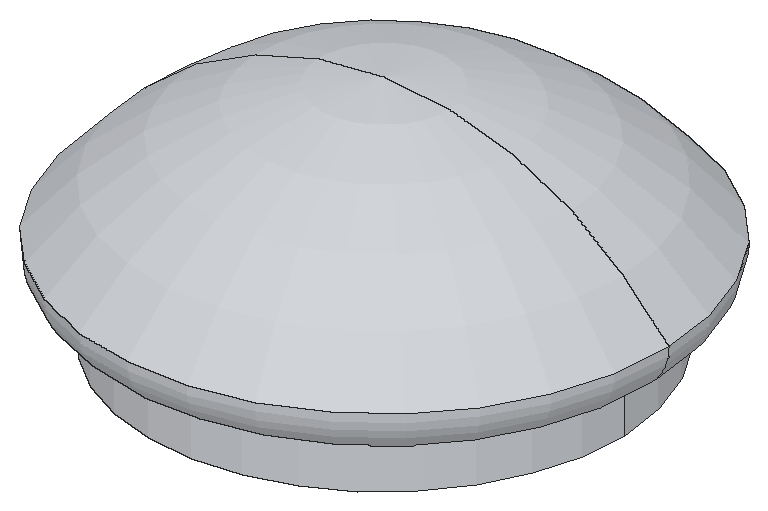
Revit family "0043496", category Lighting Fixtures, host Face, Revit 2017
Family settings
  Host = Face
  Round Connector Dimension = Use Diameter
  Part Type = Normal
  OmniClass Number = 23.80.70.00
  OmniClass Title = Lighting
  Cut with Voids When Loaded = No
  Light Source = Yes
  Shared = No
  Room Calculation Point = No
Parameters (values of type "0043496_3000K SYLCIRCLE IP44 520LM 830/840 DT")
  YIN_SENSOR_SYL = no
  YIN_360_SYL = no
  YIN_330_SYL = no
  YIN_250_SYL = no
  YIN_180_SYL = yes
  Weight = "1.02 kg"
  Wattage Comments = ""
  Wattage = 0 W
  WarrantyStartDate [instance] = "n/a"
  WarrantyGuarantorParts = "n/a"
  WarrantyDurationUnit = "n/a"
  WarrantyDurationParts = "n/a"
  WarrantyDescription = "n/a"
  built-in parameter 1150110 = 1 (stored number, unit not read)
  Voltage = 0 V
  URL = "http://www.sylvania-lighting.com"
  TypeName = "SylCircle IP44 520lm 830/840 DualTone"
  Type Image = <None>
  Type Comments = "n/a"
  built-in parameter 1114217 = 1 (stored number, unit not read)
  Tilt Angle = -90.00°
  built-in parameter 1150109 = 1 (stored number, unit not read)
  built-in parameter 1150134 = 3
  built-in parameter 1150113 = 1 (stored number, unit not read)
  SerialNumber [instance] = "n/a"
  SENSOR_SYL = 12 mm
  Photometric Web File = "0043496_3000K.ies"
  Material_3_SYL = none
  PowerFactor = 0
  PowerConsumption = "n/a"
  NominalLength = 0 mm
  NominalHeight = 0 mm
  NominalDepth = 0 mm
  Name = "SylCircle IP44 520lm 830/840 DualTone"
  ModelReference = Name  # "SylCircle IP44 520lm 830/840 DualTone"
  ModelNumber = "0043496"
  Model = Name  # "SylCircle IP44 520lm 830/840 DualTone"
  Material = "n/a"
  ManufacturerName = "Feilo Sylvania"
  Manufacturer = "Feilo Sylvania"
  LuminousEfficacy = "n/a"
  built-in parameter 1150105 = (empty or 0)
  Lumens = 0 lm
  LuminaireType = ""
  built-in parameter 1150115 = 1 (stored number, unit not read)
  LightOutputRatio = "n/a"
  built-in parameter 1150137 = (empty or 0)
  built-in parameter 1150139 = (empty or 0)
  LampsType = Lamp  # "LED"
  LampNominalLuminous = "n/a"
  LampMacAdamStep = "n/a"
  LampColourTemperature = "n/a"
  LampColourRenderingIndex = "n/a"
  built-in parameter 1150112 = 1 (stored number, unit not read)
  built-in parameter 1150114 = 1 (stored number, unit not read)
  Lamp = "LED"
  LUM_R_SYL = if(YIN_180_SYL, 90 mm, if(YIN_250_SYL, 125 mm, if(YIN_330_SYL, 165 mm, if(YIN_360_SYL, 180 mm, 180 mm))))  # 90 mm
  LUM_R_HEIGHT_SYL = LUM_H_SYL - 30 mm  # 45 mm
  LUM_H_SYL = if(YIN_180_SYL, 75 mm, if(YIN_250_SYL, 80 mm, if(YIN_330_SYL, 96 mm, if(YIN_360_SYL, 100 mm, 100 mm))))  # 75 mm
  Keynote = "16500"
  InstallationDate [instance] = "n/a"
  InputVoltage = "n/a"
  InputNominalFrequency = "n/a"
  built-in parameter 1150132 = (empty or 0)
  built-in parameter 1150102 = (empty or 0)
  built-in parameter 1150107 = 3200 (stored number, unit not read)
  built-in parameter 1150138 = (empty or 0)
  IngressProtection = "n/a"
  ImpactProtectionIndex = "n/a"
  built-in parameter 1150106 = 1.0982 (stored number, unit not read)
  IfcExportType = "IfcLightFixtureType"
  IfcExportAs = "IfcLightFixtureType"
  Emit from Circle Diameter = 609.6 mm
  Emit Shape Visible in Rendering = no
  ElectricShockClassification = "n/a"
  built-in parameter 1150104 = (empty or 0)
  DocumentationLiterature = "http://www.sylvania-lighting.com/product/en-int/products/0043496"
  DimmingControlOptions = "n/a"
  Material_2_SYL = none
  Dimming Lamp Color Temperature Shift = <None>
  Description = ""
  Default Elevation = 1219.2 mm
  CreatedOn = "8/17/2020"
  CreatedBy = "@sylvania-lighting.com"
  Cost = 0
  Color Filter = 16777215
  built-in parameter 1114216 [instance] = (empty or 0)
  ClassificationValue = "EF_70_80"
  ClassificationName = "Uniclass2015"
  Material_1_SYL = none
  BarCode [instance] = "n/a"
  built-in parameter 1114218 = 1 (stored number, unit not read)
  BOTTOM_R_SYL = if(YIN_180_SYL, 76 mm, if(YIN_250_SYL, 110 mm, if(YIN_330_SYL, 150 mm, if(YIN_360_SYL, 150 mm, 150 mm))))  # 76 mm
  BOTTOM_HEIGHT_SYL = LUM_H_SYL - 15 mm  # 60 mm
  built-in parameter 1150133 = 10 (stored number, unit not read)
  AssetType = "Fixed"
  AssetIdentifier [instance] = "n/a"
  Assembly Code = "D5020200"
  Apparent Load = 0 VA
  Material_4_SYL = none
Types (16, lengths in mm): name | YIN_360_SYL | YIN_330_SYL | YIN_250_SYL | YIN_180_SYL | Weight | TypeName | Photometric Web File | Name | ModelReference | ModelNumber | Model | LUM_R_SYL | LUM_R_HEIGHT_SYL | LUM_H_SYL | DocumentationLiterature | BOTTOM_R_SYL | BOTTOM_HEIGHT_SYL
  0043507_3000K SYLCIRCLE IP44 2050LM MW 830/840 DT | yes | no | no | no | "3.42 kg" | "SylCircle IP44 2050LM MW 830/840 DualTone" | "0043507_3000K.ies" | "SylCircle IP44 2050LM MW 830/840 DualTone" | "SylCircle IP44 2050LM MW 830/840 DualTone" | "0043507" | "SylCircle IP44 2050LM MW 830/840 DualTone" | 180 | 70 | 100 | "http://www.sylvania-lighting.com/product/en-int/products/0043507" | 150 | 85
  0043506_4000K SYLCIRCLE IP44 1550LM MW 830/840 DT | no | yes | no | no | "3.42 kg" | "SylCircle IP44 1550LM MW 830/840 DualTone" | "0043506_4000K.ies" | "SylCircle IP44 1550LM MW 830/840 DualTone" | "SylCircle IP44 1550LM MW 830/840 DualTone" | "0043506" | "SylCircle IP44 1550LM MW 830/840 DualTone" | 165 | 66 | 96 | "http://www.sylvania-lighting.com/product/en-int/products/0043506" | 150 | 81
  0043506_3000K SYLCIRCLE IP44 1550LM MW 830/840 DT | no | yes | no | no | "3.42 kg" | "SylCircle IP44 1550LM MW 830/840 DualTone" | "0043506_3000K.ies" | "SylCircle IP44 1550LM MW 830/840 DualTone" | "SylCircle IP44 1550LM MW 830/840 DualTone" | "0043506" | "SylCircle IP44 1550LM MW 830/840 DualTone" | 165 | 66 | 96 | "http://www.sylvania-lighting.com/product/en-int/products/0043506" | 150 | 81
  0043505_4000K SYLCIRCLE IP44 2050LM DIM 830/840 DT | yes | no | no | no | "3.54 kg" | "SylCircle IP44 2050LM DIM 830/840 DualTone" | "0043505_4000K.ies" | "SylCircle IP44 2050LM DIM 830/840 DualTone" | "SylCircle IP44 2050LM DIM 830/840 DualTone" | "0043505" | "SylCircle IP44 2050LM DIM 830/840 DualTone" | 180 | 70 | 100 | "http://www.sylvania-lighting.com/product/en-int/products/0043505" | 150 | 85
  0043505_3000K SYLCIRCLE IP44 2050LM DIM 830/840 DT | yes | no | no | no | "3.54 kg" | "SylCircle IP44 2050LM DIM 830/840 DualTone" | "0043505_3000K.ies" | "SylCircle IP44 2050LM DIM 830/840 DualTone" | "SylCircle IP44 2050LM DIM 830/840 DualTone" | "0043505" | "SylCircle IP44 2050LM DIM 830/840 DualTone" | 180 | 70 | 100 | "http://www.sylvania-lighting.com/product/en-int/products/0043505" | 150 | 85
  0043504_4000K SYLCIRCLE IP44 1550LM DIM 830/840 DT | no | yes | no | no | "3.54 kg" | "SylCircle IP44 1550LM DIM 830/840 DualTone" | "0043504_4000K.ies" | "SylCircle IP44 1550LM DIM 830/840 DualTone" | "SylCircle IP44 1550LM DIM 830/840 DualTone" | "0043504" | "SylCircle IP44 1550LM DIM 830/840 DualTone" | 165 | 66 | 96 | "http://www.sylvania-lighting.com/product/en-int/products/0043504" | 150 | 81
  0043504_3000K SYLCIRCLE IP44 1550LM DIM 830/840 DT | no | yes | no | no | "3.54 kg" | "SylCircle IP44 1550LM DIM 830/840 DualTone" | "0043504_3000K.ies" | "SylCircle IP44 1550LM DIM 830/840 DualTone" | "SylCircle IP44 1550LM DIM 830/840 DualTone" | "0043504" | "SylCircle IP44 1550LM DIM 830/840 DualTone" | 165 | 66 | 96 | "http://www.sylvania-lighting.com/product/en-int/products/0043504" | 150 | 81
  0043499_4000K SYLCIRCLE IP44 2050LM 830/840 DT | yes | no | no | no | "3.12 kg" | "SylCircle IP44 2050lm 830/840 DualTone" | "0043499_4000K.ies" | "SylCircle IP44 2050lm 830/840 DualTone" | "SylCircle IP44 2050lm 830/840 DualTone" | "0043499" | "SylCircle IP44 2050lm 830/840 DualTone" | 180 | 70 | 100 | "http://www.sylvania-lighting.com/product/en-int/products/0043499" | 150 | 85
  0043499_3000K SYLCIRCLE IP44 2050LM 830/840 DT | yes | no | no | no | "3.12 kg" | "SylCircle IP44 2050lm 830/840 DualTone" | "0043499_3000K.ies" | "SylCircle IP44 2050lm 830/840 DualTone" | "SylCircle IP44 2050lm 830/840 DualTone" | "0043499" | "SylCircle IP44 2050lm 830/840 DualTone" | 180 | 70 | 100 | "http://www.sylvania-lighting.com/product/en-int/products/0043499" | 150 | 85
  0043498_4000K SYLCIRCLE IP44 1550LM 830/840 DT | no | yes | no | no | "3.12 kg" | "SylCircle IP44 1550lm 830/840 DualTone" | "0043498_4000K.ies" | "SylCircle IP44 1550lm 830/840 DualTone" | "SylCircle IP44 1550lm 830/840 DualTone" | "0043498" | "SylCircle IP44 1550lm 830/840 DualTone" | 165 | 66 | 96 | "http://www.sylvania-lighting.com/product/en-int/products/0043498" | 150 | 81
  0043498_3000K SYLCIRCLE IP44 1550LM 830/840 DT | no | yes | no | no | "3.12 kg" | "SylCircle IP44 1550lm 830/840 DualTone" | "0043498_3000K.ies" | "SylCircle IP44 1550lm 830/840 DualTone" | "SylCircle IP44 1550lm 830/840 DualTone" | "0043498" | "SylCircle IP44 1550lm 830/840 DualTone" | 165 | 66 | 96 | "http://www.sylvania-lighting.com/product/en-int/products/0043498" | 150 | 81
  0043497_4000K SYLCIRCLE IP44 1025LM 830/840 DT | no | no | yes | no | "1.5 kg" | "SylCircle IP44 1025lm 830/840 DualTone" | "0043497_4000K.ies" | "SylCircle IP44 1025lm 830/840 DualTone" | "SylCircle IP44 1025lm 830/840 DualTone" | "0043497" | "SylCircle IP44 1025lm 830/840 DualTone" | 125 | 50 | 80 | "http://www.sylvania-lighting.com/product/en-int/products/0043497" | 110 | 65
  0043497_3000K SYLCIRCLE IP44 1025LM 830/840 DT | no | no | yes | no | "1.5 kg" | "SylCircle IP44 1025lm 830/840 DualTone" | "0043497_3000K.ies" | "SylCircle IP44 1025lm 830/840 DualTone" | "SylCircle IP44 1025lm 830/840 DualTone" | "0043497" | "SylCircle IP44 1025lm 830/840 DualTone" | 125 | 50 | 80 | "http://www.sylvania-lighting.com/product/en-int/products/0043497" | 110 | 65
  0043496_4000K SYLCIRCLE IP44 520LM 830/840 DT | no | no | no | yes | "1.02 kg" | "SylCircle IP44 520lm 830/840 DualTone" | "0043496_4000K.ies" | "SylCircle IP44 520lm 830/840 DualTone" | "SylCircle IP44 520lm 830/840 DualTone" | "0043496" | "SylCircle IP44 520lm 830/840 DualTone" | 90 | 45 | 75 | "http://www.sylvania-lighting.com/product/en-int/products/0043496" | 76 | 60
  0043496_3000K SYLCIRCLE IP44 520LM 830/840 DT | no | no | no | yes | "1.02 kg" | "SylCircle IP44 520lm 830/840 DualTone" | "0043496_3000K.ies" | "SylCircle IP44 520lm 830/840 DualTone" | "SylCircle IP44 520lm 830/840 DualTone" | "0043496" | "SylCircle IP44 520lm 830/840 DualTone" | 90 | 45 | 75 | "http://www.sylvania-lighting.com/product/en-int/products/0043496" | 76 | 60
  0043507_4000K SYLCIRCLE IP44 2050LM MW 830/840 DT | yes | no | no | no | "3.42 kg" | "SylCircle IP44 2050LM MW 830/840 DualTone" | "0043507_4000K.ies" | "SylCircle IP44 2050LM MW 830/840 DualTone" | "SylCircle IP44 2050LM MW 830/840 DualTone" | "0043507" | "SylCircle IP44 2050LM MW 830/840 DualTone" | 180 | 70 | 100 | "http://www.sylvania-lighting.com/product/en-int/products/0043507" | 150 | 85
Reference planes
  plane 1 "Center (Front/Back)": y = 0
  plane 2: z = 0
  plane 3 "Center (Left/Right)": x = 0
  plane 4: x = -76
  plane 5: x = -90
  plane 6: z = -75
  plane 7: z = -45
  plane 8: z = -60
  plane 9: z = 12
Forms (mm)
  Revolve 1, solid
    sketch origin (0, 0, 0) x (1, 0, 0) y (0, 0, 1)
      loop
        line (0, -75) -> (0, 0)
        arc (0, 0) -> (-50.127, -12.246) -> (-90, -45) r 116.129
        arc (-90, -45) -> (-86.186, -55.474) -> (-76, -60) r 14.253
        line (-76, -60) -> (-76, -75) -> (0, -75)
      axis (0, -75) -> (0, 0)
    angle from 360 to 0
Dimensions and locks
  "BOTTOM_R_SYL": plane 3 "Center (Left/Right)" to plane 4
  "LUM_R_SYL": plane 3 "Center (Left/Right)" to plane 5
  "BOTTOM_HEIGHT_SYL": host face to plane 8
  "LUM_R_HEIGHT_SYL": host face to plane 7
  "LUM_H_SYL": host face to plane 6
  "SENSOR_SYL": plane 9 to host face
  aligned and locked: plane 2 to host face
  aligned and locked: level to host face
  aligned and locked: Revolve 1 sketch curve to plane 6
  aligned and locked: plane 4 to Revolve 1 sketch curve
  aligned and locked: imposter light to Revolve 1 sketch curve
  aligned and locked: Revolve 1 sketch curve to imposter light
Automatic sketch dimensions
  host sketch curve to host sketch curve = 2438.4 mm  (x2)
  Revolve 1 sketch curve to plane 5 = 0 mm
  Revolve 1 sketch curve to plane 8 = 0 mm
  Revolve 1 sketch curve to plane 7 = 0 mm
  plane 4 to Revolve 1 sketch curve = 0.233 mm
  plane 3 "Center (Left/Right)" to Revolve 1 sketch curve = 1.807 mm
